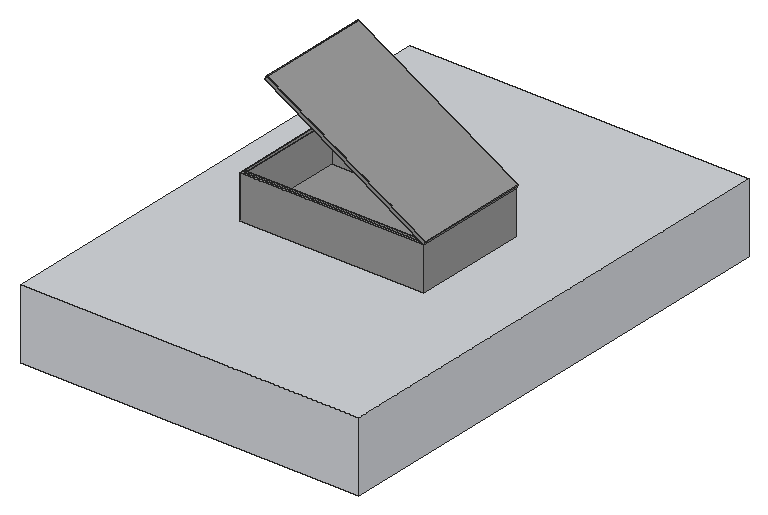
Revit family "Hager-Univers-IP54-D205-H500-Cl.I-Encl-CH-en", category Equipement électrique, Revit 2020
Family settings
  Hôte = Face
  Configuration du panneau = Deux colonnes, circuits au sein
  Cote de connecteur circulaire = Utiliser le diamètre
  Type d'élément = Tableau de raccordement
  Couper avec des vides une fois chargée = Non
  Partagée = Non
  Point de calcul de pièce = Non
Parameters (values of type "Surface mounted (plaster) IP54 W800 H500 D205  - FP33TW2")
  Width Control [instance] = if([EF000008 - Width] > Min Width, [EF000008 - Width], Min Width)  # 800 mm
  Commentaires du type = [HG000003 - Range]  # "Univers"
  Thickness Door [instance] = if([EF009171 - Material plate thickness door/cover] > 3 mm, 3 mm, [EF009171 - Material plate thickness door/cover])  # 1 mm
  Seal Frame Offset [instance] = 17 mm  # constant formula
  Plinth Visibility [instance] = [HG000027 - Plinth height] > 0 mm  # no
  Model = ""
  Min Width [instance] = 100 mm  # constant formula
  Min Height [instance] = 100 mm  # constant formula
  Min Depth [instance] = (2 * [EF009170 - Material plate thickness cabinet]) + 1 mm  # 3 mm
  Internal Frame Depth [instance] = (Door System Depth * 0.5)  # 9 mm
  Height Control [instance] = if([EF000040 - Height] > Min Height, [EF000040 - Height], Min Height)  # 500 mm
  HG000027 - Plinth height = 0 mm
  HG000026 - Floor standing = no
  HG000024 - Bottom section height = 800 mm
  HG000023 - Double section enclosure = no
  HG000016 - Door 3d visibility [instance] = yes
  HG000015 - Clearance visibility [instance] = no
  HG000014 - Door on the right [instance] = yes
  HG000013 - Door on the left [instance] = not([HG000014 - Door on the right])  # no
  HG000012 - Door swing angle [instance] = 30.00°
  HG000010 - Asymmetric doors = no
  HG000009 - Double swing door = no
  HG000006 - Flush mounted = no
  HG000004 - Manufacturer reference = "FP33TW2"
  HG000003 - Range = "Univers"
  HG000002 - With door or cover = yes
  Frame Offset Bottom [instance] = 10 mm  # constant formula
  Frame Offset [instance] = 15 mm  # constant formula
  EF015940 - Cover with overpressure release = no
  EF011959 - Degree of protection (NEMA) = ""
  EF009554 - Number of openings for flange plates = 6
  EF009212 - Cover model = "EV000116 - Closed"
  EF009171 - Material plate thickness door/cover = 1 mm
  EF009170 - Material plate thickness cabinet = 1 mm
  Fabricant = "Hager"  # constant formula
  EF008873 - Nominal current (In) = 250 A
  EF007800 - Suitable for lightning protection = no
  EF006306 - With lock = no
  EF006244 - Transparent cover/door = no
  EF005474 - Degree of protection (IP) = "EV006419 - IP54"
  EF004464 - Type of door = "EV002646 - Single"
  EF004427 - Number of modules = 108
  EF004293 - Impact strength = "EV006815 - IK09"
  EF003532 - Suitable for outdoor use = no
  EF002950 - Width in number of modular spacings = 36
  EF001613 - Circuit integrity = "EV000494 - None"
  EF001596 - Material housing = "EV000179 - Steel"
  EF001131 - Internal depth = 205 mm
  EF001088 - Extension possible = yes
  EF000437 - Number of conduit inlets = 6
  EF000339 - Type of cover = "EV001012 - Cover"
  EF000266 - Number of rows = 3
  EF000218 - Built-in depth = 205 mm
  EF000118 - With mounting plate = no
  EF000116 - RAL-number = "9010"
  EF000049 - Depth = 205 mm
  EF000040 - Height = 500 mm
  EF000008 - Width = 800 mm
  EF000007 - Colour = "EV000202 - White"
  EF000003 - Mounting method = "EV000384 - Surface mounted (plaster)"
  Door System Leaf Tolerance [instance] = 1.5 mm  # constant formula
  Door System Depth [instance] = 18 mm  # constant formula
  Door Height [instance] = Height Control - [HG000027 - Plinth height]  # 500 mm
  Depth Control [instance] = if([EF000049 - Depth] > Min Depth, [EF000049 - Depth], Min Depth)  # 205 mm
  Default Elevation = 0 mm
  Connector Offset [instance] = Height Control / 2  # 250 mm
  Bottom Top Plate Trim [instance] = 1.5 mm  # constant formula
  Plinth height Ctrl [instance] = if([HG000027 - Plinth height] > 0 mm, [HG000027 - Plinth height], 12 mm)  # 12 mm
Types (5, lengths in mm): name | Width Control | HG000004 - Manufacturer reference | EF009554 - Number of openings for flange plates | EF004464 - Type of door | EF004427 - Number of modules | EF002950 - Width in number of modular spacings | EF000437 - Number of conduit inlets | EF000008 - Width
  Surface mounted (plaster) IP54 W1050 H500 D205  - FP34TW2 | 1050 | "FP34TW2" | 8 | "EV003602 - Double" | 144 | 48 | 8 | 1050
  Surface mounted (plaster) IP54 W1300 H500 D205  - FP35TW2 | 1300 | "FP35TW2" | 10 | "EV003602 - Double" | 180 | 60 | 10 | 1300
  Surface mounted (plaster) IP54 W300 H500 D205  - FP31TW2 | 300 | "FP31TW2" | 2 | "EV002646 - Single" | 36 | 12 | 2 | 300
  Surface mounted (plaster) IP54 W550 H500 D205  - FP32TW2 | 550 | "FP32TW2" | 4 | "EV002646 - Single" | 72 | 24 | 4 | 550
  Surface mounted (plaster) IP54 W800 H500 D205  - FP33TW2 | 800 | "FP33TW2" | 6 | "EV002646 - Single" | 108 | 36 | 6 | 800
Reference planes
  plane 1 "Center (Front/Back)": y = 0
  plane 2: z = 0
  plane 3 "Center (Left/Right)": x = 0
  plane 4: z = 205
  plane 5: y = 1
  plane 6: y = 250
  plane 7: y = 0
  plane 8: y = 500
  plane 9: z = 0
  plane 10: x = -385
  plane 11: x = 385
  plane 12: x = 384
  plane 13: x = -384
  plane 14: y = 499
  plane 15: x = -383
  plane 16: x = -400
  plane 17: x = 383
  plane 18: x = 400
  plane 19: x = 399
  plane 20: x = -399
  plane 21: y = 11
  plane 22: y = 500
  plane 23: y = 484
  plane 24: z = 187
  plane 25: z = 1
  plane 26: z = 186
  plane 27: z = 204
Forms (mm)
  Extrusion 1, solid
    sketch origin (0, 0, 0) x (1, 0, 0) y (0, 1, 0)
      loop
        line (-702.964, 1305) -> (-702.964, -811.445) -> (766.763, -811.445) -> (766.763, 1305) -> (-702.964, 1305)
    from 0 to -304.8
  Extrusion 2, solid, material "Hager_Steel_RAL7035_Light_Grey", visible <- "Plinth Visibility", detail levels medium+fine
    sketch origin (0, 0, 0) x (1, 0, 0) y (0, 1, 0)
      loop
        line (-400, 0) -> (400, 0) -> (400, 12) -> (-400, 12) -> (-400, 0)
    from 0 to 187
  Extrusion 3, solid, material "Hager_Steel_RAL7035_Light_Grey", detail levels medium+fine
    sketch origin (0, 0, 0) x (1, 0, 0) y (0, 1, 0)
      loop
        line (-400, 0) -> (400, 0) -> (400, 500) -> (-400, 500) -> (-400, 0)
    from 0 to 187
  Extrusion 4, void
    sketch origin (0, 0, 0) x (1, 0, 0) y (0, 1, 0)
      loop
        line (-399, 1) -> (399, 1) -> (399, 499) -> (-399, 499) -> (-399, 1)
    from 1 to 186
  Extrusion 5, void
    sketch origin (-381.607, -4572, 187) x (0, -1, 0) y (-1, 0, 0)
      loop
        line (-4583, 2.393) -> (-5056, 2.393) -> (-5056, -765.607) -> (-4583, -765.607) -> (-4583, 2.393)
    from 0 to 1 <- "EF009170 - Material plate thickness cabinet"
  Extrusion 6, solid, material "Hager_Steel_RAL7035_Light_Grey", detail levels fine
    sketch origin (0, 0, 187) x (1, 0, 0) y (0, 1, 0)
      loop
        line (-384, 484) -> (-384, 11) -> (384, 11) -> (384, 484) -> (-384, 484)
      loop
        line (-385, 10) -> (385, 10) -> (385, 485) -> (-385, 485) -> (-385, 10)
    from 0 to 9 <- "Internal Frame Depth"
  Extrusion 7, solid, material "Hager_Steel_RAL7035_Light_Grey", detail levels coarse
    sketch origin (0, 0, 0) x (1, 0, 0) y (0, 1, 0)
      loop
        line (-400, 0) -> (400, 0) -> (400, 500) -> (-400, 500) -> (-400, 0)
    from 0 to 205
  Sweep 8, void
    path in 3D
      loop
        line (-400, 12, 0) -> (400, 12, 0) -> (400, 12, 187) -> (-400, 12, 187) -> (-400, 12, 0)
    profile origin (-400, 12, 93.5) x (-1, 0, 0) y (0, -1, 0)
      loop
        line (0, 0) -> (0, 1.5) -> (-1.5, 1.5)
        arc (-1.5, 1.5) -> (-1.061, 0.439) -> (0, 0) r 1.5
Cuts and joins
  Extrusion 4, Extrusion 5 cuts Extrusion 3
  Sweep 8 cuts Extrusion 2
Lines and regions (mm)
  Masking region 1
    outline origin (0, 0, 0) x (1, 0, 0) y (0, 0, 1)
      loop
        line (-400, 205) -> (-400, 0) -> (400, 0) -> (400, 205) -> (-400, 205)
  Masking region 2, detail levels medium+fine
    outline origin (0, 140, 0) x (0, 1, 0) y (0, 0, 1)
      loop
        line (-140, 0) -> (360, 0) -> (360, 187) -> (-140, 187) -> (-140, 0)
  Masking region 3, not visible, detail levels medium+fine
    outline origin (0, 297.922, 0) x (0, 1, 0) y (0, 0, 1)
      loop
        line (-36.422, 0) -> (3.578, 0) -> (3.578, 194)
        arc (3.578, 194) -> (0.649, 201.071) -> (-6.422, 204) r 10
        line (-6.422, 204) -> (-36.422, 204) -> (-36.422, 0)
  Masking region 4, detail levels coarse
    outline origin (0, 0, 180) x (0, 1, 0) y (0, 0, 1)
      loop
        line (0, -180) -> (500, -180) -> (500, 25) -> (0, 25) -> (0, -180)
  Masking region 5, visible <- "Plinth Visibility", detail levels medium+fine
    outline origin (0, 52.24, 12.345) x (0, 0, -1) y (0, 1, 0)
      loop
        line (10.845, -40.24) -> (-173.155, -40.24)
        arc (-173.155, -40.24) -> (-173.594, -41.301) -> (-174.655, -41.74) r 1.5
        line (-174.655, -41.74) -> (-174.655, -52.24) -> (12.345, -52.24) -> (12.345, -41.74)
        arc (12.345, -41.74) -> (11.285, -41.301) -> (10.845, -40.24) r 1.5
  Masking region 6, detail levels medium+fine
    outline origin (-381.607, -4572, 187) x (-1, 0, 0) y (0, -1, 0)
      loop
        line (18.393, -5072) -> (18.393, -4572) -> (-781.607, -4572) -> (-781.607, -5072) -> (18.393, -5072)
  Masking region 7, visible <- "Plinth Visibility", detail levels medium+fine
    outline origin (-381.607, -4727, 187) x (-1, 0, 0) y (0, -1, 0)
      loop
        arc (16.893, -4739) -> (17.332, -4737.939) -> (18.393, -4737.5) r 1.5
        line (18.393, -4737.5) -> (18.393, -4727) -> (-781.607, -4727) -> (-781.607, -4737.5)
        arc (-781.607, -4737.5) -> (-780.546, -4737.939) -> (-780.107, -4739) r 1.5
        line (-780.107, -4739) -> (16.893, -4739)
  Masking region 8, detail levels coarse
    outline origin (-442.548, -4669.526, 187) x (-1, 0, 0) y (0, -1, 0)
      loop
        line (-42.548, -5169.526) -> (-42.548, -4669.526) -> (-842.548, -4669.526) -> (-842.548, -5169.526) -> (-42.548, -5169.526)
  sketch lines
    curve 1: line (-400, 12, 187) -> (-400, 12, 0)
    curve 2: line (400, 12, 187) -> (-400, 12, 187)
    curve 3: line (400, 12, 187) -> (400, 12, 0)
    curve 4: line (-400, 12, 0) -> (400, 12, 0)
Dimensions and locks
  "Depth Control": plane 4 to Extrusion 1
  "HG000027 - Plinth height": plane 1 "Center (Front/Back)" to plane 7
  "EF009170 - Material plate thickness cabinet": plane 5 to plane 7
  locked: connector elem to plane 3 "Center (Left/Right)"
  equal spacing: plane 8, plane 6, plane 7
  locked: connector elem to plane 6
  "EF009170 - Material plate thickness cabinet": plane 8 to plane 14
  "EF009170 - Material plate thickness cabinet": plane 10 to plane 13
  "EF009170 - Material plate thickness cabinet": plane 12 to plane 11
  "Frame Offset": plane 20 to plane 13
  "Frame Offset": plane 12 to plane 19
  "EF009170 - Material plate thickness cabinet": plane 16 to plane 20
  "EF009170 - Material plate thickness cabinet": plane 19 to plane 18
  "Seal Frame Offset": plane 16 to plane 15
  "Seal Frame Offset": plane 17 to plane 18
  "Frame Offset Bottom": plane 21 to plane 5
  "Frame Offset": plane 14 to plane 23
  equal spacing: plane 16, plane 3 "Center (Left/Right)", plane 18
  "Width Control": plane 16 to plane 18
  "EF009170 - Material plate thickness cabinet": plane 4 to plane 27
  "EF009170 - Material plate thickness cabinet": plane 24 to plane 26
  "EF009170 - Material plate thickness cabinet": plane 25 to level
  "Door System Depth": plane 4 to plane 24
  "Height Control": plane 1 "Center (Front/Back)" to Extrusion 7 sketch curve
  "Height Control": Masking region 4 sketch curve to plane 1 "Center (Front/Back)"
  "Height Control": plane 1 "Center (Front/Back)" to plane 22
  "Bottom Top Plate Trim": profile plane to Sweep 8 sketch curve
  "Bottom Top Plate Trim": Sweep 8 sketch curve to profile plane
  "Plinth height Ctrl": plane 1 "Center (Front/Back)" to Extrusion 2 sketch curve
  "Plinth height Ctrl": Masking region 5 sketch curve to plane 1 "Center (Front/Back)"
  "Plinth height Ctrl": plane 1 "Center (Front/Back)" to Masking region 7 sketch curve
  "Thickness Door": Extrusion 6 sketch curve to Extrusion 6 sketch curve  (x3)
  "Thickness Door": cut or joined group of Extrusion 3, Extrusion 4, Extrusion 5 to Extrusion 6 sketch curve
  radius of Masking region 3 sketch curve = 10 mm
  "Bottom Top Plate Trim": radius of Masking region 5 sketch curve  (x2)
  "Bottom Top Plate Trim": radius of Sweep 8 sketch curve
  "Bottom Top Plate Trim": radius of Masking region 7 sketch curve  (x2)
  aligned and locked: plane 2 to Extrusion 1
  aligned and locked: level to Extrusion 1
  aligned and locked: level to Masking region 1 sketch curve
  aligned and locked: Masking region 1 sketch curve to plane 18
  aligned and locked: Masking region 1 sketch curve to plane 16
  aligned and locked: plane 7 to Masking region 2 sketch curve
  aligned and locked: level to Masking region 3 sketch curve
  aligned and locked: Masking region 3 sketch curve to plane 27
  aligned and locked: level to Masking region 2 sketch curve
  aligned and locked: plane 1 "Center (Front/Back)" to Extrusion 2 sketch curve
  aligned and locked: Extrusion 3 sketch curve to plane 7
  aligned and locked: plane 16 to Extrusion 3 sketch curve
  aligned and locked: plane 18 to Extrusion 3 sketch curve
  aligned and locked: plane 20 to Extrusion 4 sketch curve
  aligned and locked: plane 19 to Extrusion 4 sketch curve
  aligned and locked: Extrusion 4 sketch curve to plane 5
  aligned and locked: Extrusion 4 to plane 25
  aligned and locked: plane 26 to Extrusion 4
  aligned and locked: plane 24 to Extrusion 3
  aligned and locked: Extrusion 5 sketch curve to plane 21
  aligned and locked: Extrusion 5 sketch curve to plane 13
  aligned and locked: Extrusion 5 sketch curve to plane 12
  aligned and locked: plane 18 to Extrusion 7 sketch curve
  aligned and locked: plane 1 "Center (Front/Back)" to Extrusion 7 sketch curve
  aligned and locked: plane 16 to Extrusion 7 sketch curve
  aligned and locked: plane 4 to Extrusion 7
  aligned and locked: Extrusion 7 to level
  aligned and locked: level to Masking region 4 sketch curve
  aligned and locked: Masking region 4 sketch curve to plane 1 "Center (Front/Back)"
  aligned and locked: Masking region 4 sketch curve to plane 4
  aligned and locked: nested 1 to level
  aligned and locked: nested 1 to plane 16
  aligned and locked: plane 8 to Extrusion 3 sketch curve
  aligned and locked: plane 23 to Extrusion 5 sketch curve
  aligned and locked: plane 14 to Extrusion 4 sketch curve
  aligned and locked: Masking region 2 sketch curve to plane 8
  aligned and locked: level to Masking region 5 sketch curve
  aligned and locked: plane 16 to Extrusion 2 sketch curve
  aligned and locked: plane 18 to Extrusion 2 sketch curve
  aligned and locked: Masking region 5 sketch curve to plane 24
  aligned and locked: Masking region 2 sketch curve to plane 24
  aligned and locked: plane 24 to Extrusion 2
  aligned and locked: profile plane to Sweep 8 sketch curve  (x2)
  aligned and locked: Masking region 6 sketch curve to plane 18
  aligned and locked: Masking region 6 sketch curve to plane 22
  aligned and locked: Masking region 6 sketch curve to plane 16
  aligned and locked: plane 8 to plane 22
  aligned and locked: Masking region 6 sketch curve to plane 7
  aligned and locked: Masking region 7 sketch curve to plane 16
  aligned and locked: Masking region 7 sketch curve to plane 1 "Center (Front/Back)"
  aligned and locked: Masking region 7 sketch curve to plane 18
  aligned and locked: Masking region 8 sketch curve to plane 1 "Center (Front/Back)"
  aligned and locked: Masking region 8 sketch curve to plane 18
  aligned and locked: Masking region 8 sketch curve to plane 22
  aligned and locked: Masking region 8 sketch curve to plane 16
  aligned and locked: nested 2 to plane 7
  aligned and locked: plane 3 "Center (Left/Right)" to nested 2
  aligned and locked: nested 2 to plane 24
  aligned and locked: Extrusion 6 sketch curve to cut or joined group of Extrusion 3, Extrusion 4, Extrusion 5  (x4)
Automatic sketch dimensions
  Extrusion 1 sketch curve to Extrusion 1 sketch curve = 1469.727 mm
  Extrusion 1 sketch curve to Extrusion 1 sketch curve = 2116.445 mm
  Masking region 1 sketch curve to plane 4 = 0 mm
  plane 6 to Masking region 3 sketch curve = 11.5 mm
  Masking region 3 sketch curve to Masking region 3 sketch curve = 30 mm
  Masking region 5 sketch curve to plane 1 "Center (Front/Back)" = 0 mm
Nested families
  nested 1: "Hager_Enclosure_Symbol" at (-400, 0, 0) x (1, 0, 0) z (0, -1, 0), Height <- "Depth Control", Width <- "Width Control", type "Hager_Enclosure_Symbol"
    with Width_Ctrl 800 mm, Width 800 mm, Height_Ctrl 205 mm, Height 205 mm, A_Width_Int 13.453 mm, A_Width 161.438 mm, A_Height_Ctrl 179.375 mm, A_Height 179.375 mm
  nested 2: "EC000058_Univers_Door" at (0, 0, 187) x (1, 0, 0) z (0, 1, 0), Leaf_Tolerance <- "Door System Leaf Tolerance", Angle <- "HG000012 - Door swing angle", Door_Depth <- "Door System Depth", Door_Left <- "HG000013 - Door on the left", Transparent <- "EF006244 - Transparent cover/door", Assymetrical <- "HG000010 - Asymmetric doors", Width <- "Width Control", Clearance <- "HG000015 - Clearance visibility", Double <- "HG000009 - Double swing door", 3d_Door <- "HG000016 - Door 3d visibility", Lock_Visibility <- "EF006306 - With lock", Width_Ctrl <- "Width Control", Door_Right <- "HG000014 - Door on the right", Door <- "HG000002 - With door or cover", Height <- "Door Height", Thickness <- "Thickness Door", type "EC000058_Univers_Door", detail levels medium+fine
    with min_wh 3 mm, Width_Ctrl 800 mm, Width 800 mm, Transparent no, Thickness 1 mm, Seal_Material Hager_Rubber, Lock_Visibility no, Lock_Material Hager_Plastic_RAL9005_Jet_Black, Leaf_Width 800 mm, Leaf_Tolerance_External_Sides 0 mm, Leaf_Tolerance 1.5 mm, Leaf_Offset 0 mm, Leaf_Height 497 mm, Leaf_2_Width 800 mm, Leaf_2_Offset 400 mm, Leaf_1_Width 800 mm, Leaf_1_Offset 400 mm, Height_Ctrl 500 mm, Height 500 mm, Glass_Material Hager_Glass, Double_Clearance_Ctrl no, Double no, Door_Right_Ctrl yes, Door_Right yes, Door_Material Hager_Steel_RAL7035_Light_Grey, Door_Left_Ctrl no, Door_Left no, Door_Depth 18 mm, Door yes, Clearance_Material Hager_Clearance, Clearance_Depth 800 mm, Clearance_Ctrl no, Clearance no, Assymetrical no, Angle 30.00°, 3d_Door yes
Connectors
  electrical at (0, 250, 0)
    settings: on plane 9, index 1, voltage 0 V, apparent load 0 VA, apparent load phase1 0 VA, apparent load phase2 0 VA, apparent load phase3 0 VA, power factor 1, load classification "Other", number of poles 1, system type 30, power factor state 1, is connector primary yes, connector utility no, sub classification motor no, connector description ""
Definition of nested family "EC000058_Univers_Door"
  Parameters (values of type "EC000058_Univers_Door")
    min_wh [instance] = (2 * Thickness) + 1 mm  # 11 mm
    Width_Ctrl [instance] = 400 mm
    Width [instance] = 500 mm
    Transparent [instance] = yes
    Thickness [instance] = 5 mm
    Seal_Material [instance] = none
    Lock_Visibility [instance] = yes
    Lock_Material [instance] = none
    Leaf_Width [instance] = if((Width_Ctrl - 2 * Leaf_Tolerance_External_Sides) > 0 mm, (Width_Ctrl - 2 * Leaf_Tolerance_External_Sides), min_wh)  # 400 mm
    Leaf_Tolerance_External_Sides [instance] = 0 mm  # constant formula
    Leaf_Tolerance [instance] = 1.5 mm
    Leaf_Offset [instance] = 0 mm  # constant formula
    Leaf_Height [instance] = if((Height_Ctrl - 2 * Leaf_Tolerance) > 0 mm, (Height_Ctrl - 2 * Leaf_Tolerance), min_wh)  # 497 mm
    Leaf_2_Width [instance] = if(and(and(Double, Assymetrical), Door_Left), (Leaf_Width / 3) - (Leaf_Tolerance / 2), if(and(and(Double, Assymetrical), Door_Right), (Leaf_Width / 3) * 2 - (Leaf_Tolerance / 2), if(and(Double, not(Assymetrical)), (Leaf_Width / 2) - Leaf_Tolerance, Leaf_Width)))  # 400 mm
    Leaf_2_Offset [instance] = if(and(Double, Assymetrical), Leaf_2_Width / 2, if(and(Double, not(Assymetrical)), Leaf_Width / 4, Leaf_Width / 2))  # 200 mm
    Leaf_1_Width [instance] = if(and(and(Double, Assymetrical), Door_Right), (Leaf_Width / 3) - (Leaf_Tolerance / 2), if(and(and(Double, Assymetrical), Door_Left), (Width / 3) * 2 - (Leaf_Tolerance / 2), if(and(Double, not(Assymetrical)), (Leaf_Width / 2) - Leaf_Tolerance, Leaf_Width)))  # 400 mm
    Leaf_1_Offset [instance] = if(and(Double, Assymetrical), Leaf_1_Width / 2, if(and(Double, not(Assymetrical)), Leaf_Width / 4, Leaf_Width / 2))  # 200 mm
    Height_Ctrl [instance] = if(Height > min_wh, Height, min_wh)  # 500 mm
    Height [instance] = 500 mm
    Glass_Material [instance] = none
    Double_Clearance_Ctrl [instance] = and(Double, Clearance)  # no
    Double [instance] = no
    Door_Right_Ctrl [instance] = and(or(Door_Right, Double), Door)  # yes
    Door_Right [instance] = yes
    Door_Material [instance] = none
    Door_Left_Ctrl [instance] = and(or(Door_Left, Double), Door)  # no
    Door_Left [instance] = no
    Door_Depth [instance] = 30 mm
    Door [instance] = yes
    Default Elevation = 1219.2 mm
    Clearance_Material [instance] = none
    Clearance_Depth [instance] = if(Leaf_1_Width > Leaf_2_Width, Leaf_1_Width, Leaf_2_Width)  # 400 mm
    Clearance_Ctrl [instance] = and(not(Double), Clearance)  # yes
    Clearance [instance] = yes
    Assymetrical [instance] = yes
    Angle [instance] = 30.00°
    3d_Door [instance] = yes
  Reference planes
    plane 1 "Center (Front/Back)": y = 0
    plane 2 "Bottom": z = 0
    plane 3 "Center (Left/Right)": x = 0
    plane 4: z = 500
    plane 5: x = -200
    plane 6: x = 200
    plane 7: z = 500
    plane 8: x = -200
    plane 9: z = 0
    plane 10: x = 200
    plane 11: y = 0
    plane 12: z = 1.5
    plane 13: x = -600
    plane 14: y = -400
    plane 15: x = 600
    plane 16: x = 0
    plane 17: x = 0
    plane 18: x = -200
    plane 19: x = 200
    plane 20: z = 498.5
  Forms (mm)
    Extrusion 1, solid, material <- "Clearance_Material", visible <- "Double_Clearance_Ctrl"
      sketch origin (1200, 0, 0) x (1, 0, 0) y (0, 0, -1)
        loop
          line (-1800, -498.5) -> (-600, -498.5) -> (-600, 0) -> (-1800, 0) -> (-1800, -498.5)
      from 0 to -400
  Dimensions and locks
    equal spacing: plane 5, plane 3 "Center (Left/Right)", plane 6
    "Width_Ctrl": plane 5 to plane 6
    "Leaf_Offset": plane 5 to plane 8
    "Leaf_Offset": plane 6 to plane 10
    "Leaf_Offset": plane 9 to level
    "Leaf_Offset": plane 4 to plane 7
    "Height_Ctrl": plane 4 to level
    "Leaf_Tolerance": plane 12 to plane 9
    locked: plane 11 to plane 1 "Center (Front/Back)"
    "Leaf_1_Offset": plane 18 to plane 16
    "Leaf_2_Offset": plane 17 to plane 19
    "Leaf_1_Width": plane 13 to plane 8
    "Leaf_2_Width": plane 10 to plane 15
    "Clearance_Depth": plane 14 to plane 1 "Center (Front/Back)"
    "Leaf_Tolerance_External_Sides": plane 8 to plane 18
    "Leaf_Tolerance_External_Sides": plane 19 to plane 10
    "Leaf_Tolerance": plane 7 to plane 20
    aligned and locked: level to plane 2 "Bottom"
    aligned and locked: nested 1 to plane 16
    aligned and locked: nested 2 to plane 17
    aligned and locked: Extrusion 1 to plane 13
    aligned and locked: plane 15 to Extrusion 1
    aligned and locked: Extrusion 1 to plane 14
    aligned and locked: plane 12 to nested 1
    aligned and locked: nested 2 to plane 12
    aligned and locked: Extrusion 1 to plane 11
    aligned and locked: plane 20 to Extrusion 1
    aligned and locked: nested 2 to plane 11
    aligned and locked: nested 1 to plane 11
  Automatic sketch dimensions
    Extrusion 1 sketch curve to level = 0 mm
    plane 5 to Extrusion 1 sketch curve = 400 mm
    plane 6 to Extrusion 1 sketch curve = 400 mm
    Extrusion 1 sketch curve to plane 4 = 1.5 mm
  Nested families
    nested 1: "EC000058_Univers_Door_Leaf" at (0, 0, 1.5), Width <- "Leaf_1_Width", visible <- "Door_Left_Ctrl", Leaf_Height <- "Leaf_Height", Angle <- "Angle", 3d_Door <- "3d_Door", Transparent <- "Transparent", Clearance Material <- "Clearance_Material", Clearance <- "Clearance_Ctrl", Door_Material <- "Door_Material", Glass_Material <- "Glass_Material", Door_Depth <- "Door_Depth", Lock_Material <- "Lock_Material", Seal_Material <- "Seal_Material", Lock_Visibility <- "Lock_Visibility", Thickness <- "Thickness", type "EC000058_Univers_Door_Leaf"
      with Width 400 mm, Transparent_Glass_Offset 30 mm, Transparent_Ctrl yes, Transparent yes, Thickness 5 mm, Standard no, Seal_Material none, Seal_D2 8 mm, Seal_D1 1 mm, Offset_Internal_Frame 10 mm, Lock_Width 20 mm, Lock_Visibility_3d yes, Lock_Visibility yes, Lock_Thickness_3 3 mm, Lock_Thickness_2 1 mm, Lock_Thickness_1 3 mm, Lock_Radius_Offset_2 16 mm, Lock_Radius_Offset_1 15 mm, Lock_Radius_2 5 mm, Lock_Radius 6 mm, Lock_Offset 5 mm, Lock_Material none, Lock_Height 80 mm, Lock_Cover_Top_Offset_2d 17 mm, Lock_Cover_Height -65 mm, Leaf_Height 497 mm, Internal_Seal_Thickness 8 mm, Internal_Seal_Depth_2 4.5 mm, Internal_Frame_Depth 25 mm, Glass_Thickness -1 mm, Glass_Offset -2 mm, Glass_Material none, Door_Material none, Door_Depth 30 mm, Clearance Material none, Clearance yes, Angle_Ctrl 30.00°, Angle 30.00°, 3d_Door yes
    nested 2: "EC000058_Univers_Door_Leaf" at (0, 0, 1.5) x (-1, 0, 0) z (0, 0, 1), Width <- "Leaf_2_Width", visible <- "Door_Right_Ctrl", Leaf_Height <- "Leaf_Height", Angle <- "Angle", 3d_Door <- "3d_Door", Transparent <- "Transparent", Clearance Material <- "Clearance_Material", Clearance <- "Clearance_Ctrl", Door_Material <- "Door_Material", Glass_Material <- "Glass_Material", Door_Depth <- "Door_Depth", Lock_Material <- "Lock_Material", Seal_Material <- "Seal_Material", Lock_Visibility <- "Lock_Visibility", Thickness <- "Thickness", type "EC000058_Univers_Door_Leaf"
      with Width 400 mm, Transparent_Glass_Offset 30 mm, Transparent_Ctrl yes, Transparent yes, Thickness 5 mm, Standard no, Seal_Material none, Seal_D2 8 mm, Seal_D1 1 mm, Offset_Internal_Frame 10 mm, Lock_Width 20 mm, Lock_Visibility_3d yes, Lock_Visibility yes, Lock_Thickness_3 3 mm, Lock_Thickness_2 1 mm, Lock_Thickness_1 3 mm, Lock_Radius_Offset_2 16 mm, Lock_Radius_Offset_1 15 mm, Lock_Radius_2 5 mm, Lock_Radius 6 mm, Lock_Offset 5 mm, Lock_Material none, Lock_Height 80 mm, Lock_Cover_Top_Offset_2d 17 mm, Lock_Cover_Height -65 mm, Leaf_Height 497 mm, Internal_Seal_Thickness 8 mm, Internal_Seal_Depth_2 4.5 mm, Internal_Frame_Depth 25 mm, Glass_Thickness -1 mm, Glass_Offset -2 mm, Glass_Material none, Door_Material none, Door_Depth 30 mm, Clearance Material none, Clearance yes, Angle_Ctrl 30.00°, Angle 30.00°, 3d_Door yes
  Definition of nested family "EC000058_Univers_Door_Leaf"
    Parameters (values of type "EC000058_Univers_Door_Leaf")
      Width [instance] = 2000 mm
      Transparent_Glass_Offset [instance] = 30 mm
      Transparent_Ctrl [instance] = and(Transparent, [3d_Door])  # yes
      Transparent [instance] = yes
      Thickness [instance] = 5 mm
      Standard [instance] = and(not(Transparent), [3d_Door])  # no
      Seal_Material [instance] = none
      Seal_D2 [instance] = 8 mm  # constant formula
      Seal_D1 [instance] = 1 mm  # constant formula
      Offset_Internal_Frame [instance] = 10 mm  # constant formula
      Lock_Width [instance] = 20 mm  # constant formula
      Lock_Visibility_3d [instance] = and(Lock_Visibility, [3d_Door])  # yes
      Lock_Visibility [instance] = yes
      Lock_Thickness_3 [instance] = 3 mm  # constant formula
      Lock_Thickness_2 [instance] = 1 mm  # constant formula
      Lock_Thickness_1 [instance] = 3 mm  # constant formula
      Lock_Radius_Offset_2 [instance] = Lock_Radius_Offset_1 + 1 mm  # 16 mm
      Lock_Radius_Offset_1 [instance] = 15 mm  # constant formula
      Lock_Radius_2 [instance] = Lock_Radius - 1 mm  # 5 mm
      Lock_Radius [instance] = 6 mm  # constant formula
      Lock_Offset [instance] = 5 mm  # constant formula
      Lock_Material [instance] = none
      Lock_Height [instance] = 80 mm  # constant formula
      Lock_Cover_Top_Offset_2d [instance] = Lock_Radius_Offset_2 + 1 mm  # 17 mm
      Lock_Cover_Height [instance] = -(Lock_Height - Lock_Radius_Offset_1)  # -65 mm
      Leaf_Height [instance] = 2720.336 mm
      Internal_Seal_Thickness [instance] = 8 mm  # constant formula
      Internal_Seal_Depth_2 [instance] = 4.5 mm  # constant formula
      Internal_Frame_Depth [instance] = if(Door_Depth - Thickness > 5 mm, Door_Depth - Thickness, 5 mm)  # 25 mm
      Glass_Thickness [instance] = if(Thickness > 15 mm, Glass_Offset + 10 mm, -1 mm)  # -1 mm
      Glass_Offset [instance] = if(Thickness > 15 mm, -(Thickness + 10 mm) / 2, -2 mm)  # -2 mm
      Glass_Material [instance] = none
      Door_Material [instance] = none
      Door_Depth [instance] = 30 mm
      Default Elevation = 0 mm
      Clearance Material [instance] = none
      Clearance [instance] = yes
      Angle_Ctrl [instance] = if(Angle > 180.00°, 180.00°, Angle)  # 90.00°
      Angle [instance] = 90.00°
      3d_Door [instance] = yes
    Reference planes
      plane 1 "Center (Front/Back)": y = 0
      plane 2: z = 0
      plane 3 "Center (Left/Right)": x = 0
      plane 4: y = 2000
      plane 5: x = -1000
      plane 6: x = 1000
      plane 7: x = -3000
      plane 8: z = 2720.336
      plane 9: z = 30
      plane 10: z = 2690.336
      plane 11: x = 970
      plane 12: x = -970
      plane 13: y = -3
      plane 14: z = 107.833
      plane 15: y = -5
      plane 16: y = -223.314
      plane 17: x = -1000
      plane 18: z = 1360.168
      plane 19: y = 30
    Forms (mm)
      Extrusion 1, solid, material <- "Clearance Material", visible <- "Clearance"
        sketch origin (0, 0, 0) x (1, 0, 0) y (0, 0, 1)
          loop
            line (-3000, 2720.336) -> (-3000, 0) -> (1000, 0) -> (1000, 2720.336) -> (-3000, 2720.336)
        from 0 to -2000
      Extrusion 2, solid, material <- "Door_Material", visible <- "Standard", detail levels medium+fine
        sketch origin (-1000, 0, 0) x (0, 1, 0) y (-1, 0, 0)
          loop
            line (0, 30) -> (0, 25) -> (2000, 25) -> (2000, 30) -> (0, 30)
        from 0 to 2720.336 <- "Leaf_Height"
      Extrusion 3, solid, material <- "Door_Material", visible <- "Transparent_Ctrl", detail levels medium+fine
        sketch origin (-1000, 0, 0) x (0, 1, 0) y (-1, 0, 0)
          loop
            line (0, 25) -> (2000, 25) -> (2000, 30) -> (0, 30) -> (0, 25)
        from 0 to 2720.336 <- "Leaf_Height"
      Extrusion 4, void
        sketch origin (-1025, 2000, 0) x (0, 1, 0) y (0, 0, -1)
          loop
            line (-30, -2690.336) -> (-30, -30) -> (-1970, -30) -> (-1970, -2690.336) -> (-30, -2690.336)
        from 0 to 5 <- "Thickness"
      Sweep 5, solid, material <- "Seal_Material", visible <- "Transparent_Ctrl", detail levels fine
        path in 3D
          loop
            line (-1025, 30, 30) -> (-1025, 30, 2690.336) -> (-1025, 1970, 2690.336) -> (-1025, 1970, 30) -> (-1025, 30, 30)
        profile origin (-1025, 1000, 30) x (1, 0, 0) y (0, 0, 1)
          loop
            line (0, 0) -> (0, -8) -> (1, -8) -> (1, 0) -> (0, 0)
      Extrusion 6, solid, material <- "Glass_Material", visible <- "Transparent_Ctrl", detail levels medium+fine
        sketch origin (-1030, 0, 0) x (0, 1, 0) y (0, 0, -1)
          loop
            line (1970, -2690.336) -> (1970, -30) -> (30, -30) -> (30, -2690.336) -> (1970, -2690.336)
        from -2 <- "Glass_Offset" to -1 <- "Glass_Thickness"
      Extrusion 7, solid, material <- "Door_Material", visible <- "3d_Door", detail levels medium+fine
        sketch origin (-1025, 2000, 0) x (0, -1, 0) y (0, 0, -1)
          loop
            line (0, -2720.336) -> (2000, -2720.336) -> (2000, 0) -> (0, 0) -> (0, -2720.336)
          loop
            line (1995, -5) -> (5, -5) -> (5, -2715.336) -> (1995, -2715.336) -> (1995, -5)
        from 0 to 25 <- "Internal_Frame_Depth"
      Sweep 8, solid, material <- "Seal_Material", visible <- "Transparent_Ctrl", detail levels fine
        path in 3D
          loop
            line (-1025, 0, 0) -> (-1025, 2000, 0) -> (-1025, 2000, 2720.336) -> (-1025, 0, 2720.336) -> (-1025, 0, 0)
        profile origin (-1025, 0, 1360.168) x (1, 0, 0) y (0, 1, 0)
          loop
            line (0, 10) -> (2.975, 10)
            arc (2.975, 10) -> (4.053, 10.447) -> (4.5, 11.525) r 1.525
            line (4.5, 11.525) -> (4.5, 16.527)
            arc (4.5, 16.527) -> (4.069, 17.569) -> (3.027, 18) r 1.473
            line (3.027, 18) -> (0, 18) -> (0, 10)
      Extrusion 9, solid, material <- "Lock_Material", visible <- "Lock_Visibility_3d", detail levels fine
        sketch origin (-1030, 0, 0) x (0, 1, 0) y (0, 0, -1)
          loop
            arc (1993.5, -1400.168) -> (1994.561, -1399.729) -> (1995, -1398.668) r 1.5
            line (1995, -1398.668) -> (1995, -1320.168) -> (1975, -1320.168) -> (1975, -1398.668)
            arc (1975, -1398.668) -> (1975.439, -1399.729) -> (1976.5, -1400.168) r 1.5
            line (1976.5, -1400.168) -> (1993.5, -1400.168)
        from 3 <- "Lock_Thickness_1" to 0
      Blend 10, solid, material <- "Lock_Material", visible <- "Lock_Visibility_3d", detail levels fine
        base sketch origin (-1033, 0, 0) x (0, 1, 0) y (0, 0, -1)
          loop
            line (1975, -1320.168) -> (1975, -1398.668)
            arc (1975, -1398.668) -> (1975.439, -1399.729) -> (1976.5, -1400.168) r 1.5
            line (1976.5, -1400.168) -> (1993.5, -1400.168)
            arc (1993.5, -1400.168) -> (1994.561, -1399.729) -> (1995, -1398.668) r 1.5
            line (1995, -1398.668) -> (1995, -1320.168) -> (1975, -1320.168)
        top sketch origin (-1033, 0, 0) x (0, 1, 0) y (0, 0, -1)
          loop
            line (1976, -1320.168) -> (1976, -1398.668)
            arc (1976, -1398.668) -> (1976.146, -1399.022) -> (1976.5, -1399.168) r 0.5
            line (1976.5, -1399.168) -> (1993.5, -1399.168)
            arc (1993.5, -1399.168) -> (1993.854, -1399.022) -> (1994, -1398.668) r 0.5
            line (1994, -1398.668) -> (1994, -1320.168) -> (1976, -1320.168)
        from 0 to 1 <- "Lock_Thickness_2"
      Blend 11, solid, material <- "Lock_Material", visible <- "Lock_Visibility_3d", detail levels fine
        base sketch origin (-1034, 0, 0) x (0, 1, 0) y (0, 0, -1)
          loop
            line (1978, -1320.168) -> (1978, -1384.168)
            arc (1978, -1384.168) -> (1985, -1391.168) -> (1992, -1384.168) r 7
            line (1992, -1384.168) -> (1992, -1320.168) -> (1978, -1320.168)
        top sketch origin (-1034, 0, 0) x (0, 1, 0) y (0, 0, -1)
          loop
            line (1991, -1320.168) -> (1979, -1320.168) -> (1979, -1383.168)
            arc (1979, -1383.168) -> (1985, -1389.168) -> (1991, -1383.168) r 6
            line (1991, -1383.168) -> (1991, -1320.168)
        from 0 to 3 <- "Lock_Thickness_3"
      Extrusion 12, solid, material <- "Lock_Material", visible <- "Lock_Visibility_3d", detail levels fine
        sketch origin (-1030, 1975, 1320.168) x (1, 0, 0) y (0, -1, 0)
          loop
            line (-7, -19) -> (-7, -1) -> (0, -1) -> (0, 0) -> (-8, 0) -> (-8, -20) -> (0, -20) -> (0, -19) -> (-7, -19)
        from 0 to -65 <- "Lock_Cover_Height"
      Extrusion 13, void
        sketch origin (-1038, 1995, 1320.168) x (-1, 0, 0) y (0, 0, -1)
          loop
            line (-5, -65) -> (0, -65) -> (-5, -60) -> (-5, -65)
        from 0 to 20 <- "Lock_Width"
      Extrusion 14, void
        sketch origin (-1038, 1975, 1320.168) x (0, -1, 0) y (0, 0, -1)
          loop
            circle (-10, -15.995) r 6
          loop
            circle (-10, -15.995) r 5
        from 0 to 2
      Extrusion 15, solid, material <- "Lock_Material", visible <- "Lock_Visibility_3d", detail levels medium
        sketch origin (-1030, 0, 0) x (0, 1, 0) y (0, 0, -1)
          loop
            arc (1993.5, -1400.168) -> (1994.561, -1399.729) -> (1995, -1398.668) r 1.5
            line (1995, -1398.668) -> (1995, -1320.168) -> (1975, -1320.168) -> (1975, -1398.668)
            arc (1975, -1398.668) -> (1975.439, -1399.729) -> (1976.5, -1400.168) r 1.5
            line (1976.5, -1400.168) -> (1993.5, -1400.168)
        from 8 to 0
    Cuts and joins
      Extrusion 4 cuts Extrusion 3
      Extrusion 13, Extrusion 14 cuts Extrusion 9
      Extrusion 14 cuts Blend 11
      Extrusion 13, Extrusion 14 cuts Extrusion 12
      joined: Extrusion 9, Blend 10, Blend 11, Extrusion 12
      Extrusion 14 cuts Extrusion 15
    Lines and regions (mm)
      Masking region 1, visible <- "Lock_Visibility", detail levels fine
        outline origin (0, 0, 0) x (0, 1, 0) y (0, 0, 1)
          loop
            line (30, 1320.168) -> (33, 1320.168) -> (33, 1400.168) -> (30, 1400.168) -> (30, 1320.168)
      Masking region 2, visible <- "Lock_Visibility", detail levels fine
        outline origin (0, 3.143, 0) x (0, 1, 0) y (0, 0, 1)
          loop
            line (29.857, 1354.168) -> (30.857, 1354.168) -> (30.857, 1366.168) -> (29.857, 1366.168) -> (29.857, 1354.168)
      Masking region 3, detail levels medium+fine
        outline origin (0, 0, 0) x (0, 1, 0) y (0, 0, 1)
          loop
            line (0, 0) -> (30, 0) -> (30, 2720.336) -> (0, 2720.336) -> (0, 0)
      Masking region 4, detail levels medium+fine
        outline origin (0, 0, 0) x (1, 0, 0) y (0, 0, 1)
          loop
            line (-1000, 2720.336) -> (-1000, 0) -> (1000, 0) -> (1000, 2720.336) -> (-1000, 2720.336)
      Masking region 5, visible <- "Lock_Visibility", detail levels fine
        outline origin (-47.116, 0, 0) x (1, 0, 0) y (0, 0, 1)
          loop
            arc (1024.616, 1399.168) -> (1023.556, 1398.729) -> (1023.116, 1397.668) r 1.5
            line (1023.116, 1397.668) -> (1023.116, 1320.168) -> (1041.116, 1320.168) -> (1041.116, 1397.668)
            arc (1041.116, 1397.668) -> (1040.677, 1398.729) -> (1039.616, 1399.168) r 1.5
            line (1039.616, 1399.168) -> (1024.616, 1399.168)
      Masking region 6, visible <- "Lock_Visibility", detail levels medium+fine
        outline origin (-25, 0, 0) x (1, 0, 0) y (0, 0, 1)
          loop
            arc (1001.5, 1400.168) -> (1000.439, 1399.729) -> (1000, 1398.668) r 1.5
            line (1000, 1398.668) -> (1000, 1320.168) -> (1020, 1320.168) -> (1020, 1398.668)
            arc (1020, 1398.668) -> (1019.561, 1399.729) -> (1018.5, 1400.168) r 1.5
            line (1018.5, 1400.168) -> (1001.5, 1400.168)
      Masking region 7, visible <- "Lock_Visibility", detail levels fine
        outline origin (-73.735, 0, 0) x (1, 0, 0) y (0, 0, 1)
          loop
            line (1051.735, 1382.168) -> (1065.735, 1382.168) -> (1065.735, 1384.168)
            arc (1065.735, 1384.168) -> (1058.735, 1391.168) -> (1051.735, 1384.168) r 7
            line (1051.735, 1384.168) -> (1051.735, 1382.168)
      Masking region 8, visible <- "Lock_Visibility", detail levels fine
        outline origin (-73.735, 0, 0) x (1, 0, 0) y (0, 0, 1)
          loop
            line (1052.735, 1382.168) -> (1064.735, 1382.168) -> (1064.735, 1383.168)
            arc (1064.735, 1383.168) -> (1058.735, 1389.168) -> (1052.735, 1383.168) r 6
            line (1052.735, 1383.168) -> (1052.735, 1382.168)
      Masking region 9, visible <- "Lock_Visibility", detail levels fine
        outline origin (-25, 0, 0) x (1, 0, 0) y (0, 0, 1)
          loop
            line (1020, 1320.168) -> (1020, 1382.168) -> (1000, 1382.168) -> (1000, 1320.168) -> (1020, 1320.168)
      Masking region 10, detail levels medium+fine
        outline origin (0, 0, 0) x (1, 0, 0) y (0, 0, 1)
          loop
            circle (985, 1335.144) r 6
      Masking region 11, detail levels fine
        outline origin (0, 0, 0) x (1, 0, 0) y (0, 0, 1)
          loop
            circle (985, 1335.144) r 5
      Masking region 12, visible <- "Lock_Visibility", detail levels fine
        outline origin (0, 12.767, 0) x (0, 1, 0) y (0, 0, 1)
          loop
            line (20.233, 1320.168) -> (21.233, 1320.168) -> (21.233, 1399.168) -> (20.233, 1400.168) -> (20.233, 1320.168)
      Masking region 13, visible <- "Lock_Visibility", detail levels fine
        outline origin (0, 13.767, -10) x (0, 1, 0) y (0, 0, 1)
          loop
            line (20.233, 1330.168) -> (23.233, 1330.168) -> (23.233, 1399.168) -> (20.233, 1402.168) -> (20.233, 1330.168)
      Masking region 14, visible <- "Lock_Visibility", detail levels fine
        outline origin (0, 12.767, -10) x (0, 1, 0) y (0, 0, 1)
          loop
            line (20.233, 1330.168) -> (25.233, 1330.168) -> (25.233, 1399.305) -> (20.233, 1394.305) -> (20.233, 1330.168)
      Masking region 15, visible <- "Lock_Visibility", detail levels medium
        outline origin (0, 0, 0) x (0, 1, 0) y (0, 0, 1)
          loop
            line (30, 1320.168) -> (38, 1320.168) -> (38, 1400.168) -> (30, 1400.168) -> (30, 1320.168)
      Masking region 16, visible <- "Lock_Visibility", detail levels fine
        outline origin (-1000, 0, 0) x (0, 1, 0) y (-1, 0, 0)
          loop
            line (1975, 30) -> (1995, 30) -> (1995, 38) -> (1975, 38) -> (1975, 30)
          loop
            line (1979, 37) -> (1976, 37) -> (1976, 34) -> (1978, 34) -> (1979, 37)
          loop
            line (1994, 37) -> (1991, 37) -> (1992, 34) -> (1994, 34) -> (1994, 37)
      Masking region 17, visible <- "Lock_Visibility", detail levels medium
        outline origin (-1000, 0, 0) x (0, 1, 0) y (-1, 0, 0)
          loop
            line (1975, 30) -> (1995, 30) -> (1995, 38) -> (1975, 38) -> (1975, 30)
      symbolic lines
        curve 1: line (1000, 0, 0) -> (-3000, 0, 0)
        curve 2: arc (1000, 0, 0) -> (-1000, 2000, 0) -> (-3000, 0, 0) r 2000
        curve 4: line (-1030, 0, 0) -> (-1030, 2000, 0)
      reference lines
        curve 3: line (-1000, 0, 0) -> (-1000, 2000, 0)
      symbolic lines, detail levels medium+fine
        curve 5: line (-1030, 2000, 0) -> (-1025, 2000, 0)
        curve 7: line (-1025, 0, 0) -> (-1030, 0, 0)
        curve 8: line (-1025, 0, 0) -> (-1000, 0, 0)
        curve 9: line (-1000, 0, 0) -> (-1000, 2000, 0)
        curve 10: line (-1000, 2000, 0) -> (-1025, 2000, 0)
      symbolic lines, detail levels fine
        curve 6: line (-1025, 2000, 0) -> (-1025, 0, 0)
      sketch lines
        curve 11: line (-1025, 0, 2720.336) -> (-1025, 0, 0)
        curve 12: line (-1025, 2000, 0) -> (-1025, 0, 0)
        curve 13: line (-1025, 2000, 2720.336) -> (-1025, 2000, 0)
        curve 14: line (-1025, 0, 2720.336) -> (-1025, 2000, 2720.336)
        curve 15: line (-1025, 1970, 30) -> (-1025, 30, 30)
        curve 16: line (-1025, 30, 30) -> (-1025, 30, 2690.336)
        curve 17: line (-1025, 1970, 2690.336) -> (-1025, 1970, 30)
        curve 18: line (-1025, 30, 2690.336) -> (-1025, 1970, 2690.336)
      symbolic lines, visible <- "Transparent", detail levels medium+fine
        curve 19: line (-970, 0, 2690.336) -> (970, 0, 2690.336)
        curve 20: line (-970, 0, 30) -> (-970, 0, 2690.336)
        curve 21: line (970, 0, 30) -> (-970, 0, 30)
        curve 22: line (970, 0, 2690.336) -> (970, 0, 30)
    Dimensions and locks
      "Width": plane 1 "Center (Front/Back)" to plane 4
      equal spacing: plane 5, plane 3 "Center (Left/Right)", plane 6
      "Width": plane 5 to plane 6
      "Width": plane 7 to plane 5
      "Leaf_Height": plane 8 to level
      "Width": curve 5 to curve 3
      "Width": curve 3 to curve 3
      plane 8 to plane 10 = 30 mm
      plane 9 to level = 30 mm
      plane 12 to plane 5 = 30 mm
      plane 6 to plane 11 = 30 mm
      Extrusion 1 to Extrusion 4 sketch curve = 30 mm
      "Transparent_Glass_Offset": curve 3 to Extrusion 4 sketch curve
      "Transparent_Glass_Offset": Extrusion 4 sketch curve to cut or joined group of Extrusion 3, Extrusion 4  (x2)
      cut or joined group of Extrusion 3, Extrusion 4 to Extrusion 6 sketch curve = 30 mm
      "Transparent_Glass_Offset": cut or joined group of Extrusion 3, Extrusion 4 to Extrusion 4 sketch curve
      "Thickness": curve 6 to curve 4
      "Thickness": Extrusion 7 sketch curve to Extrusion 7 sketch curve  (x4)
      "Door_Depth": curve 4 to curve 3
      "Offset_Internal_Frame": profile plane to Sweep 8 sketch curve
      "Internal_Seal_Thickness": Sweep 8 sketch curve to Sweep 8 sketch curve
      "Internal_Seal_Depth_2": profile plane to Sweep 8 sketch curve
      "Seal_D1": profile plane to Sweep 5 sketch curve
      "Seal_D2": profile plane to Sweep 5 sketch curve
      "Thickness": Extrusion 2 sketch curve to Extrusion 2 sketch curve
      equal spacing: Extrusion 9 sketch curve, plane 18, Extrusion 9 sketch curve  (x2)
      equal spacing: Masking region 1 sketch curve, plane 18, Masking region 1 sketch curve
      "Lock_Height": Masking region 1 sketch curve to Masking region 1 sketch curve
      "Lock_Radius": Masking region 2 sketch curve to plane 18 to Masking region 2 sketch curve
      Masking region 2 sketch curve to Masking region 1 = 1 mm
      "Door_Depth": plane 19 to plane 1 "Center (Front/Back)"
      "Lock_Thickness_1": Masking region 1 sketch curve to plane 19
      "Lock_Width": Extrusion 9 sketch curve to Extrusion 9 sketch curve
      "Lock_Height": Extrusion 9 sketch curve to Extrusion 9 sketch curve
      "Lock_Offset": cut or joined group of Extrusion 3, Extrusion 4 to Extrusion 9 sketch curve
      equal spacing: plane 8, plane 18, level
      "Lock_Radius_Offset_1": Blend 11 sketch curve to Blend 10
      locked: Blend 10 to Blend 11 sketch curve at 2  (x2)
      locked: var sketch to Blend 11 sketch curve at 1  (x2)
      "Lock_Radius_Offset_2": Blend 11 sketch curve to Blend 10
      locked: Extrusion 12 sketch curve to Extrusion 12 sketch curve at 1  (x3)
      Masking region 6 sketch curve to Masking region 6 sketch curve = 80 mm
      "Lock_Height": Masking region 6 sketch curve to Masking region 6 sketch curve
      "Lock_Width": Masking region 6 sketch curve to Masking region 6 sketch curve
      locked: Masking region 6 to Masking region 5 sketch curve at 1  (x3)
      locked: Masking region 5 to Masking region 7 sketch curve at 2  (x2)
      "Lock_Radius_Offset_1": Masking region 5 to Masking region 7 sketch curve
      "Lock_Radius_Offset_2": Masking region 5 to Masking region 8 sketch curve
      locked: Masking region 7 to Masking region 8 sketch curve at 1  (x2)
      "Lock_Cover_Top_Offset_2d": Masking region 5 to Masking region 9 sketch curve
      equal spacing: Masking region 9, Masking region 10 sketch curve, Masking region 9
      equal spacing: Masking region 9, Masking region 11 sketch curve, Masking region 9
      Extrusion 15 sketch curve to Extrusion 15 sketch curve = 80 mm
      "Lock_Width": Extrusion 15 sketch curve to Extrusion 15 sketch curve
      "Lock_Height": Extrusion 15 sketch curve to Extrusion 15 sketch curve
      equal spacing: Extrusion 15 sketch curve, plane 18, Extrusion 15 sketch curve
      "Lock_Thickness_3": Masking region 13 sketch curve to Masking region 13 sketch curve
      "Lock_Height": Masking region 12 sketch curve to Masking region 12 sketch curve
      locked: Masking region 13 sketch curve to Masking region 1 at 8
      locked: Masking region 14 sketch curve to Masking region 13 at 1
      locked: Masking region 14 sketch curve to Masking region 1 at 10.863
      "Lock_Height": Masking region 15 sketch curve to Masking region 15 sketch curve
      "Lock_Offset": Extrusion 15 sketch curve to cut or joined group of Extrusion 3, Extrusion 4
      "Lock_Offset": plane 6 to Masking region 6 sketch curve
      radius of Sweep 8 sketch curve = 1.525 mm
      radius of Sweep 8 sketch curve = 1.473 mm
      radius of Extrusion 9 sketch curve = 1.5 mm  (x2)
      "Lock_Radius": radius of Extrusion 14 sketch curve
      "Lock_Radius_2": radius of Extrusion 14 sketch curve
      "Lock_Radius": radius of Masking region 10 sketch curve
      "Lock_Radius_2": radius of Masking region 11 sketch curve
      radius of Extrusion 15 sketch curve = 1.5 mm  (x2)
      "Angle_Ctrl": angle plane 1 "Center (Front/Back)" to curve 3
      locked: Masking region 12 sketch curve to Masking region 12 sketch curve (angle 45.00°)
      locked: Masking region 13 sketch curve to Masking region 13 sketch curve (angle 45.00°)
      locked: Masking region 14 sketch curve to Masking region 14 sketch curve (angle 45.00°)
      aligned and locked: level to plane 2
      aligned and locked: Extrusion 1 to curve 1
      aligned and locked: plane 6 to Extrusion 1
      aligned and locked: Extrusion 1 to plane 1 "Center (Front/Back)"
      aligned and locked: plane 4 to Extrusion 1
      aligned and locked: plane 8 to Extrusion 1
      aligned and locked: curve 7 to Extrusion 2 sketch curve
      aligned and locked: curve 5 to Extrusion 2 sketch curve
      aligned and locked: curve 7 to Extrusion 3 sketch curve
      aligned and locked: Extrusion 3 sketch curve to curve 4
      aligned and locked: Extrusion 3 sketch curve to curve 6
      aligned and locked: Extrusion 3 sketch curve to curve 5
      aligned and locked: curve 9 to curve 3
      aligned and locked: Extrusion 7 sketch curve to cut or joined group of Extrusion 3, Extrusion 4  (x4)
      aligned and locked: plane 17 to curve 3
      aligned and locked: plane 1 "Center (Front/Back)" to curve 3
      aligned and locked: plane 17 to plane 5
      aligned and locked: Sweep 8 sketch curve to profile plane
      aligned and locked: Sweep 5 sketch curve to profile plane  (x2)
      aligned and locked: Masking region 1 to Masking region 2 sketch curve
      aligned and locked: plane 19 to Masking region 1 sketch curve
      aligned and locked: plane 1 "Center (Front/Back)" to Masking region 3 sketch curve
      aligned and locked: plane 19 to Masking region 3 sketch curve
      aligned and locked: level to Masking region 3 sketch curve
      aligned and locked: Masking region 3 sketch curve to plane 8
      aligned and locked: plane 17 to Masking region 4 sketch curve
      aligned and locked: level to Masking region 4 sketch curve
      aligned and locked: Masking region 4 sketch curve to plane 8
      aligned and locked: plane 12 to curve 20
      aligned and locked: plane 10 to curve 19
      aligned and locked: plane 11 to curve 22
      aligned and locked: curve 21 to plane 9
      aligned and locked: Extrusion 2 sketch curve to cut or joined group of Extrusion 3, Extrusion 4
      aligned and locked: Blend 10 sketch curve to Extrusion 9  (x4)
      aligned and locked: Extrusion 9 to Blend 10 sketch curve
      aligned and locked: Blend 10 to Blend 11 sketch curve
      aligned and locked: Extrusion 12 sketch curve to Blend 11
      aligned and locked: Extrusion 12 sketch curve to Extrusion 9  (x4)
      aligned and locked: Masking region 5 sketch curve to Masking region 6
      aligned and locked: Masking region 9 sketch curve to Masking region 6  (x3)
      aligned and locked: Masking region 12 sketch curve to Masking region 1
      aligned and locked: Masking region 13 sketch curve to Masking region 1
      aligned and locked: Masking region 12 to Masking region 14
      aligned and locked: Masking region 14 sketch curve to Masking region 1
      aligned and locked: Masking region 15 sketch curve to Masking region 14
      aligned and locked: Masking region 13 sketch curve to Masking region 12
      aligned and locked: Masking region 16 sketch curve to cut or joined group of Extrusion 14, Extrusion 15  (x4)
      aligned and locked: Masking region 16 sketch curve to cut or joined group of Extrusion 9, Blend 10, Blend 11, Extrusion 12, Extrusion 13, Extrusion 14  (x6)
      aligned and locked: cut or joined group of Extrusion 9, Blend 10, Blend 11, Extrusion 12, Extrusion 13, Extrusion 14 to Masking region 16 sketch curve
      aligned and locked: Masking region 17 sketch curve to cut or joined group of Extrusion 14, Extrusion 15  (x3)
      aligned and locked: Masking region 17 sketch curve to cut or joined group of Extrusion 9, Blend 10, Blend 11, Extrusion 12, Extrusion 13, Extrusion 14
      aligned and locked: Masking region 9 to Masking region 8 sketch curve
      aligned and locked: Masking region 9 to Masking region 7 sketch curve
    Automatic sketch dimensions
      plane 1 "Center (Front/Back)" to curve 2 = 0 mm
      curve 2 to plane 5 = 0 mm
      Extrusion 1 sketch curve to level = 0 mm
      Extrusion 1 sketch curve to plane 7 = 0 mm
      Extrusion 1 sketch curve to plane 6 = 0 mm
      Extrusion 1 sketch curve to plane 8 = 0 mm
      Extrusion 3 to Extrusion 6 sketch curve = 30 mm  (x4)
      Masking region 4 sketch curve to plane 6 = 0 mm
      Blend 10 sketch curve to Extrusion 9 = 1.5 mm
      Blend 10 sketch curve to Extrusion 9 = 1 mm
      Extrusion 13 sketch curve to Extrusion 12 = 0 mm  (x2)
      Extrusion 12 to Extrusion 13 sketch curve = 3 mm
      Extrusion 13 sketch curve to Extrusion 12 = 5 mm
      Extrusion 14 sketch curve to Extrusion 14 sketch curve = 0 mm  (x2)
      Extrusion 14 sketch curve to Extrusion 12 = 10 mm
      Extrusion 14 sketch curve to Extrusion 12 = 15.995 mm
      Masking region 5 sketch curve to Masking region 5 sketch curve = 1.5 mm  (x2)
      Masking region 10 sketch curve to plane 18 = 25.024 mm
      Masking region 11 sketch curve to plane 18 = 25.024 mm
      plane 19 to Masking region 14 sketch curve = 3 mm
      Masking region 16 sketch curve to Masking region 16 sketch curve = 3 mm
      curve 4 to curve 3 = 0 mm
      Blend 10 to Blend 11 sketch curve = 0 mm
      Masking region 6 sketch curve to Masking region 6 sketch curve = 1.5 mm  (x2)
      Masking region 6 sketch curve to plane 18 = 40 mm
      plane 19 to Masking region 12 sketch curve = 3 mm
      Masking region 12 sketch curve to Masking region 12 sketch curve = 1 mm
      Masking region 15 sketch curve to plane 19 = 0 mm
      Masking region 15 sketch curve to plane 18 = 40 mm
      radius of Blend 10 sketch curve to Extrusion 9 = 1 mm
Definition of nested family "Hager_Enclosure_Symbol"
  Parameters (values of type "Hager_Enclosure_Symbol")
    Width_Ctrl [instance] = if(Width > 1 mm, Width, 1 mm)  # 102.27 mm
    Width [instance] = 102.27 mm
    Height_Ctrl [instance] = if(Height > 1 mm, Height, 1 mm)  # 66.5 mm
    A_Width_Int [instance] = if(A_Width / 12 > 2 mm, A_Width / 12, 2 mm)  # 4.364 mm
    A_Width [instance] = if(A_Height_Ctrl * 0.9 > 2 mm, A_Height_Ctrl * 0.9, 2 mm)  # 52.369 mm
    A_Height_Ctrl [instance] = if(A_Height > 2 mm, A_Height, 2 mm)  # 58.188 mm
    Height [instance] = 66.5 mm
    A_Height [instance] = Height - (Height / 8)  # 58.188 mm
  Reference planes
    plane 1 "Centre (avant/arrière)": y = 0
    plane 2: z = 0
    plane 3 "Centre (gauche/droite)": x = 0
    plane 4: x = 52.369
    plane 5: y = 33.042
    plane 6: y = 41.77
    plane 7: y = 66.5
    plane 8: x = 26.184
    plane 9: y = 37.406
    plane 10: x = 102.27
    plane 11: y = 66.5
    plane 12: y = 8.313
  Lines and regions (mm)
    Filled region 1, type "Solid_Black", in view "Niveau de réf."
      outline origin (0, 0, 0) x (1, 0, 0) y (0, 1, 0)
        loop
          line (52.369, 66.5) -> (33.188, 54.536) -> (45.365, 45.006) -> (52.369, 66.5)
    Filled region 2, type "Solid_Black", in view "Niveau de réf."
      outline origin (0, 0, 0) x (1, 0, 0) y (0, 1, 0)
        loop
          line (0, 0) -> (102.27, 0) -> (102.27, 66.5) -> (0, 0)
    detail lines, in view "Niveau de réf."
      curve 1: line (0, 8.313, 0) -> (26.184, 41.77, 0)
      curve 2: line (26.184, 41.77, 0) -> (26.184, 33.042, 0)
      curve 3: line (26.184, 33.042, 0) -> (52.369, 66.5, 0)
  Dimensions and locks
    "A_Width": plane 3 "Centre (gauche/droite)" to plane 4
    equal spacing: plane 3 "Centre (gauche/droite)", plane 8, plane 4
    equal spacing: plane 6, plane 9, plane 5
    equal spacing: curve 3, Filled region 1 sketch curve, Filled region 1 sketch curve
    "Height_Ctrl": plane 1 "Centre (avant/arrière)" to plane 11
    "A_Height_Ctrl": plane 11 to plane 12
    equal spacing: plane 11, plane 9, plane 12
    "A_Width_Int": plane 6 to plane 9
    "Width_Ctrl": plane 3 "Centre (gauche/droite)" to plane 10
    angle Filled region 1 sketch curve to curve 3 = 20.00°
    angle curve 3 to Filled region 1 sketch curve = 20.00°
    locked: curve 3 to Filled region 1 sketch curve (angle 90.00°)
    aligned and locked: plane 10 to Filled region 2
    aligned and locked: plane 11 to Filled region 2 sketch curve
    aligned and locked: plane 10 to Filled region 2 sketch curve
    aligned and locked: plane 3 "Centre (gauche/droite)" to curve 1
    aligned and locked: plane 12 to curve 1
    aligned and locked: plane 7 to plane 11
  Automatic sketch dimensions
    Filled region 1 sketch curve to plane 4 = 0 mm
    Filled region 1 sketch curve to plane 7 = 0 mm
    plane 1 "Centre (avant/arrière)" to Filled region 2 sketch curve = 0 mm
    Filled region 2 sketch curve to plane 3 "Centre (gauche/droite)" = 0 mm
    curve 2 to plane 6 = 0 mm
    curve 2 to plane 8 = 0 mm
    curve 3 to plane 4 = 0 mm
    curve 2 to plane 5 = 0 mm
    curve 3 to plane 7 = 0 mm
